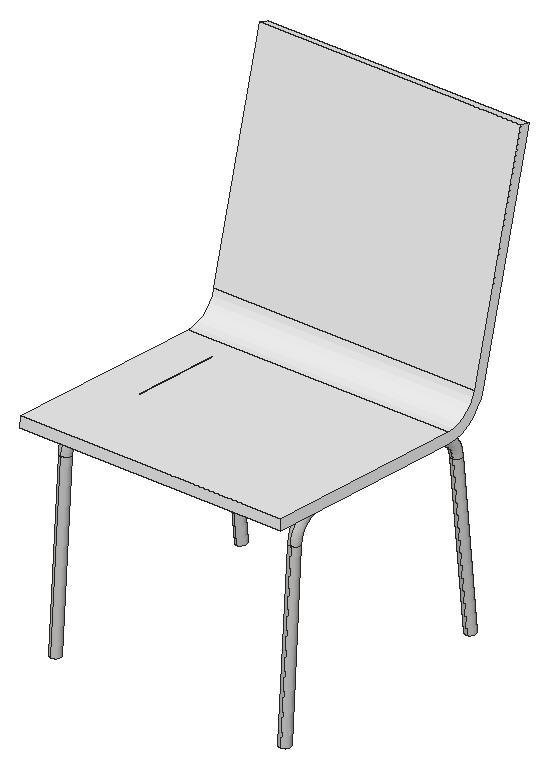
Revit family "Chair Canteen", category Furniture, Revit 2015
Parameters
  Material Seat/Back [instance] = White
  Material Caster [instance] = none
  Material Base [instance] = Stainless Steel
  Assembly Code = ""
Reference planes
  plane 1 "Center (Front/Back)": y = 0
  plane 2: z = 0
  plane 3 "Center (Left/Right)": x = 0
Forms (mm)
  Extrusion 1, solid, material "White" <- "Material Seat/Back"
    sketch origin (-250, 664.098, 0) x (0, 1, 0) y (0, 0, 1)
      loop
        line (-960, 420) -> (-961.395, 400.049) -> (-559.195, 371.924)
        arc (-559.195, 371.924) -> (-507.158, 386.6) -> (-476.341, 431.024) r 80
        line (-476.341, 431.024) -> (-366.801, 839.831) -> (-386.12, 845.007) -> (-495.659, 436.2)
        arc (-495.659, 436.2) -> (-518.773, 402.882) -> (-557.8, 391.875) r 60
        line (-557.8, 391.875) -> (-960, 420)
    from 0 to 500
  Sweep 2, solid, material "Stainless Steel" <- "Material Base"
    path origin (-220, 0, 0) x (0, 1, 0) y (0, 0, 1)
      loop
        line (-260, 0) -> (-236.529, 335.653)
        arc (-236.529, 335.653) -> (-216.039, 376.75) -> (-172.49, 391.321) r 60
        line (-172.49, 391.321) -> (116.459, 371.116)
        arc (116.459, 371.116) -> (153.953, 354.423) -> (171.945, 317.534) r 60
        line (171.945, 317.534) -> (205.319, 0)
    profile origin (-220, -248.264, 167.826) x (0, -0.997564, 0.069756) y (1, 0, 0)
      loop
        circle (-10, 0) r 10
  Sweep 3, solid, material "Stainless Steel" <- "Material Base"
    path origin (220, 0, 0) x (0, 1, 0) y (0, 0, -1)
      loop
        line (-260, 0) -> (-236.529, -335.653)
        arc (-236.529, -335.653) -> (-216.039, -376.75) -> (-172.49, -391.321) r 60
        line (-172.49, -391.321) -> (116.459, -371.116)
        arc (116.459, -371.116) -> (153.953, -354.423) -> (171.945, -317.534) r 60
        line (171.945, -317.534) -> (205.319, 0)
    profile origin (220, -248.264, 167.826) x (0, 0.997564, -0.069756) y (-1, 0, 0)
      loop
        circle (10, 0) r 10
